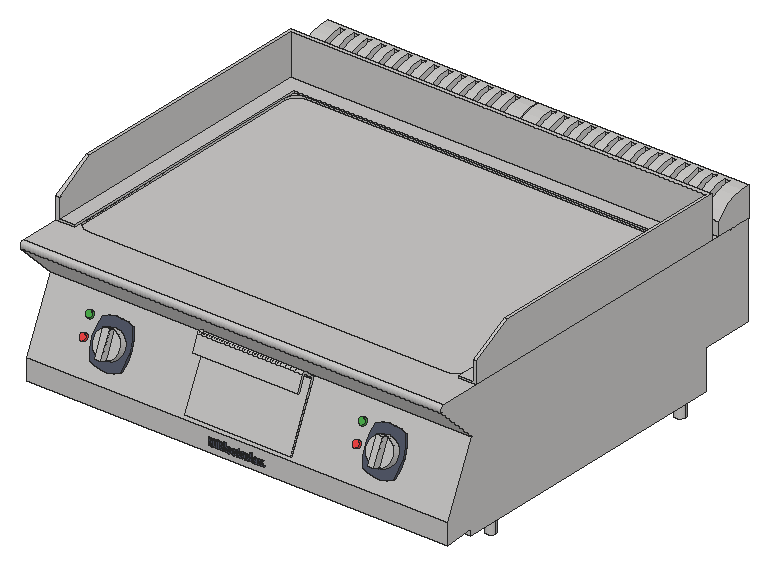
Revit family "QF_ELECTROLUXPROFESSIONAL_371201_E7FTEHCPIN", category Specialty Equipment, Revit 2018
Family settings
  Round Connector Dimension = Use Diameter
  Part Type = Normal
  Work Plane-Based = No
  Always vertical = Yes
  Cut with Voids When Loaded = No
  Shared = No
  Room Calculation Point = No
Parameters
  Width = 800.1 mm  # constant formula
  Weight in Pounds = 154  # constant formula
  Watts = 7800 VA  # 7800 W
  Volts = 230 V  # constant formula
  URL Cutsheet = "www.electrolux.com/foodservice"
  URL = "www.electrolux.com/foodservice"
  Type Mark [instance] = ""
  Status [instance] = ""
  Specification by User [instance] = ""
  Specification by Manufacturer = ""
  Show Logo [instance] = yes
  Show Clearance [instance] = yes
  Serial Number = ""
  Seismic Rating = ""
  SMACNA No = ""
  Revision Code [instance] = ""
  Phase = 3  # constant formula
  Omniclass Number and Title = ""
  Number of Poles [instance] = 1
  NAFEM Spec ID Number = ""
  Model = "371201"
  Min Ckt Ampacity = 0 A
  Max Overcurrent Protection = 0 A
  Masterspec = ""
  Manufacturer = "ELECTROLUX"
  Item Number [instance] = ""
  Installed By [instance] = ""
  Identify Quantity as Lot [instance] = yes
  Height = 355 mm  # constant formula
  HP = "10.5 HP"
  Furnished By [instance] = ""
  Foodservice Equipment Identifier [instance] = yes
  FL Amps = if(Phase = 3, Watts / (Volts * 1.73), Watts / Volts)  # 19.6029 A
  Electrical Remarks [instance] = "230 V/3 ph/50/60 Hz"  # constant formula
  Electric Connection Type [instance] = ""
  Elec Conn RI Height [instance] = 0 mm
  Elec Conn Connection Height [instance] = 0 mm
  Direct Waste Size = 0"
  Description = "700XP Full Module Electricl Fry Top, 2/3 Smooth - 1/3 Ribbed Plate, Chromium Plated - 230V"
  Depth = 730.25 mm  # constant formula
  Cycle [instance] = if([60 Hertz Option], 60 Hz, 50 Hz)  # 60 Hz
  Conn Plug = ""
  Conn Conduit = yes
  CSI MasterFormat = ""
  CSI Master Format = ""
  Base Height [instance] = 23.813 mm  # constant formula
  Assembly Code = ""
  Apparent Power = if(Phase = 3, Volts * FL Amps * 1.73, Volts * FL Amps)  # 7800 VA
  60 Hertz Option [instance] = not([50 Hertz Option])  # yes
  50 Hertz Option [instance] = no
Reference planes
  plane 1 "BACK": y = 0
  plane 2: z = 0
  plane 3 "LEFT": x = 0
  plane 4 "RIGHT": x = 800.1
  plane 5 "FRONT": y = -730.25
  plane 6 "TOP": z = 288.925
  plane 7 "Center Y": x = 400.05
  plane 8 "Center X": y = -365.125
  plane 9 "BASE": z = 23.813
  plane 10 "TOP A": z = 274.638
  plane 11: y = -597.884
  plane 12: y = -147.637
  plane 13: z = 355
Forms (mm)
  Extrusion 1, solid, material "QF_Finishes_Stainless Steel"
    sketch origin (0, 0, 0) x (0, 1, 0) y (0, 0, 1)
      loop
        line (0, 274.638) -> (-722.844, 274.638)
        arc (-722.844, 274.638) -> (-729.641, 270.096) -> (-728.047, 262.077) r 7.358
        line (-728.047, 262.077) -> (-657.416, 191.447) -> (-713.772, 69.003) -> (-713.772, 30.903) -> (-660.4, 36.513) -> (-660.4, 23.812) -> (-101.6, 23.812) -> (-101.6, 98.425) -> (0, 98.425) -> (0, 274.638)
    from 0 to 800.1
  Extrusion 2, void
    sketch origin (0, -2.381, 274.638) x (-1, 0, 0) y (0, -1, 0)
      loop
        arc (-60.425, 120.504) -> (-42.464, 127.943) -> (-35.025, 145.904) r 25.4
        line (-35.025, 145.904) -> (-35.025, 617.104)
        arc (-35.025, 617.104) -> (-42.464, 635.064) -> (-60.425, 642.504) r 25.4
        line (-60.425, 642.504) -> (-739.675, 642.504)
        arc (-739.675, 642.504) -> (-757.636, 635.064) -> (-765.075, 617.104) r 25.4
        line (-765.075, 617.104) -> (-765.075, 145.904)
        arc (-765.075, 145.904) -> (-757.636, 127.943) -> (-739.675, 120.504) r 25.4
        line (-739.675, 120.504) -> (-60.425, 120.504)
    from 0 to -3.2
  Extrusion 3, solid, material "QF_Finishes_Stainless Steel"
    sketch origin (0, 0, 0) x (1, 0, 0) y (0, 1, 0)
      loop
        circle (11.112, -147.638) r 9.525
      loop
        circle (11.112, -597.884) r 9.525
      loop
        circle (788.987, -147.638) r 9.525
      loop
        circle (788.987, -597.884) r 9.525
    from 0 to 23.813
  Extrusion 4, solid, material "QF_Finishes_Stainless Steel"
    sketch origin (0, -101.6, 101.6) x (0, 0, -1) y (-1, 0, 0)
      loop
        circle (43.882, -749.3) r 12.7
    from 0 to 3.175
  Extrusion 5, solid, material "QF_Finishes_Clearance", visible <- "Show Clearance", detail levels coarse
    sketch origin (0, 0, 0) x (1, 0, 0) y (0, 1, 0)
      loop
        line (0, -730.25) -> (0, 0) -> (800.1, 0) -> (800.1, -730.25) -> (950.119, -730.25) -> (950.119, 150.019) -> (-150.019, 150.019) -> (-150.019, -730.25) -> (0, -730.25)
    from 0 to 355
  Sweep 6, solid, material "QF_Finishes_Stainless Steel"
    path origin (0, -2.381, 274.638) x (-1, 0, 0) y (0, -1, 0)
      loop
        line (-765.075, 642.504) -> (-765.075, 120.504) -> (-35.025, 120.504) -> (-35.025, 642.504)
    profile origin (35.025, -383.885, 274.638) x (1, 0, 0) y (0, 0, 1)
      loop
        line (-35.025, 0) -> (0, 0) -> (0, 3.175) -> (-28.675, 3.175) -> (-28.675, 80.363) -> (-35.025, 80.362) -> (-35.025, 0)
  Extrusion 7, void
    sketch origin (0, -87.86, 274.638) x (0, 1, 0) y (0, 0, 1)
      loop
        line (-557.025, 40.481) -> (-483.995, 80.363) -> (-557.025, 80.363) -> (-557.025, 40.481)
    from 0 to 6.35
  Extrusion 8, void
    sketch origin (800.1, -644.885, 274.638) x (0, -1, 0) y (0, 0, 1)
      loop
        line (0, 40.481) -> (0, 80.362) -> (-73.03, 80.362) -> (0, 40.481)
    from 0 to 6.35
  Extrusion 9, solid, material "QF_Finishes_Stainless Steel"
    sketch origin (400.05, 175.397, 1219.2) x (0, 1, 0) y (0, 0, 1)
      loop
        line (-834.228, -1030.828) -> (-850.635, -1014.422)
        arc (-850.635, -1014.422) -> (-855.102, -1013.019) -> (-858.806, -1015.884) r 5.058
        line (-858.806, -1015.884) -> (-871.468, -1043.394) -> (-868.584, -1044.721) -> (-855.922, -1017.211)
        arc (-855.922, -1017.211) -> (-854.543, -1016.145) -> (-852.88, -1016.667) r 1.883
        line (-852.88, -1016.667) -> (-838.037, -1031.51) -> (-888.871, -1141.955) -> (-885.987, -1143.282) -> (-834.228, -1030.828)
    from 100 to -100
  Extrusion 10, solid, material "QF_Finishes_Drawer Clearance", visible <- "Show Clearance", detail levels coarse
    sketch origin (293.7, -101.6, 0) x (0, 1, 0) y (0, 0, 1)
      loop
        line (-660.751, 174.479) -> (-648.089, 201.989)
        arc (-648.089, 201.989) -> (-646.71, 203.055) -> (-645.046, 202.533) r 1.883
        line (-645.046, 202.533) -> (-630.204, 187.69) -> (-681.037, 77.245) -> (-678.153, 75.918) -> (-608.989, 75.918) -> (-557.231, 188.372) -> (-573.638, 204.778)
        arc (-573.638, 204.778) -> (-574.873, 205.685) -> (-576.323, 206.181) r 5.058
        line (-576.323, 206.181) -> (-647.269, 206.181)
        arc (-647.269, 206.181) -> (-649.472, 205.203) -> (-650.973, 203.316) r 5.058
        line (-650.973, 203.316) -> (-663.635, 175.806) -> (-660.751, 174.479)
    from 6.35 to 206.35
  Extrusion 11, solid, material "QF_Finishes_Navy Blue"
    sketch origin (-399.27, -713.772, 69.003) x (0, 0.418102, 0.9084) y (-1, 0, 0)
      loop
        arc (102.623, -510.47) -> (67.041, -502.846) -> (31.333, -509.853) r 90.5
        arc (31.333, -509.853) -> (24.507, -539.04) -> (31.333, -568.228) r 65.817
        arc (31.333, -568.228) -> (67.04, -575.188) -> (102.623, -567.615) r 91.066
        arc (102.623, -567.615) -> (109.179, -539.043) -> (102.623, -510.47) r 65.546
    from 0 to 3.175
  Extrusion 12, solid, material "QF_Finishes_Stainless Steel"
    sketch origin (-20.52, -717.485, 68.529) x (0, 0.418102, 0.9084) y (-1, 0, 0)
      loop
        circle (68.826, -160.963) r 25.4
    from 0 to 12.7
  Extrusion 13, solid, material "QF_Finishes_Stainless Steel"
    sketch origin (-20.52, -729.022, 73.839) x (0, 0.418102, 0.9084) y (-1, 0, 0)
      loop
        arc (93.558, -166.749) -> (94.226, -160.963) -> (93.558, -155.177) r 25.4
        line (93.558, -155.177) -> (44.094, -155.177)
        arc (44.094, -155.177) -> (43.426, -160.963) -> (44.094, -166.749) r 25.4
        line (44.094, -166.749) -> (93.558, -166.749)
    from 0 to 12.7
  Extrusion 14, solid, material "QF_Finishes_Navy Blue"
    sketch origin (97.744, -713.772, 69.003) x (0, 0.418102, 0.9084) y (-1, 0, 0)
      loop
        arc (102.623, -532.67) -> (67.041, -525.046) -> (31.333, -532.053) r 90.5
        arc (31.333, -532.053) -> (24.507, -561.24) -> (31.333, -590.428) r 65.817
        arc (31.333, -590.428) -> (67.04, -597.388) -> (102.623, -589.815) r 91.066
        arc (102.623, -589.815) -> (109.179, -561.243) -> (102.623, -532.67) r 65.546
    from 0 to 3.175
  Extrusion 15, solid, material "QF_Finishes_Stainless Steel"
    sketch origin (498.994, -717.485, 68.529) x (0, 0.418102, 0.9084) y (-1, 0, 0)
      loop
        circle (68.826, -160.963) r 25.4
    from 0 to 12.7
  Extrusion 16, solid, material "QF_Finishes_Stainless Steel"
    sketch origin (498.994, -729.022, 73.839) x (0, 0.418102, 0.9084) y (-1, 0, 0)
      loop
        arc (93.558, -166.749) -> (94.226, -160.963) -> (93.558, -155.177) r 25.4
        line (93.558, -155.177) -> (44.094, -155.177)
        arc (44.094, -155.177) -> (43.426, -160.963) -> (44.094, -166.749) r 25.4
        line (44.094, -166.749) -> (93.558, -166.749)
    from 0 to 12.7
  Extrusion 17, solid, material "QF_Finishes_Red"
    sketch origin (-380.91, -727.848, 38.421) x (0, 0.418102, 0.9084) y (-1, 0, 0)
      loop
        circle (95.112, -468.698) r 6.35
    from 0 to 3.175
  Extrusion 18, solid, material "QF_Finishes_Red"
    sketch origin (116.104, -727.848, 38.421) x (0, 0.418102, 0.9084) y (-1, 0, 0)
      loop
        circle (95.112, -490.898) r 6.35
    from 0 to 3.175
  Extrusion 19, solid, material "QF_Finishes_Green"
    sketch origin (-380.91, -712.919, 70.857) x (0, 0.418102, 0.9084) y (-1, 0, 0)
      loop
        circle (95.112, -468.698) r 6.35
    from 0 to 3.175
  Extrusion 20, solid, material "QF_Finishes_Green"
    sketch origin (116.104, -712.919, 70.857) x (0, 0.418102, 0.9084) y (-1, 0, 0)
      loop
        circle (95.112, -490.898) r 6.35
    from 0 to 3.175
  Extrusion 21, solid, material "QF_Finishes_Navy Blue", visible <- "Show Logo"
    sketch origin (58.349, -713.772, 35.665) x (0, 0, 1) y (-1, 0, 0)
      loop
        line (20.674, -296.698) -> (8.307, -296.698)
        arc (8.307, -296.698) -> (14.491, -301.27) -> (20.674, -296.698) r 6.467
      loop
        arc (20.674, -296.069) -> (19.505, -290.926) -> (14.849, -288.448) r 6.338
        line (14.849, -288.448) -> (14.849, -290.494)
        arc (14.849, -290.494) -> (16.333, -294.149) -> (19.778, -296.069) r 5.941
        line (19.778, -296.069) -> (20.674, -296.069)
      loop
        arc (9.203, -296.069) -> (12.648, -294.149) -> (14.132, -290.494) r 5.941
        line (14.132, -290.494) -> (14.132, -288.448)
        arc (14.132, -288.448) -> (9.438, -290.922) -> (8.148, -296.069) r 6.504
        line (8.148, -296.069) -> (9.203, -296.069)
      loop
        line (21.349, -287.979) -> (7.604, -287.979) -> (7.604, -301.742) -> (21.349, -301.742) -> (21.349, -287.979)
      loop
        arc (21.432, -304.71) -> (21.085, -304.352) -> (20.718, -304.69) r 0.358
        arc (20.718, -304.69) -> (20.404, -305.44) -> (19.687, -305.825) r 1.216
        line (19.687, -305.825) -> (9.274, -305.825)
        arc (9.274, -305.825) -> (8.614, -305.548) -> (8.218, -304.951) r 1.238
        arc (8.218, -304.951) -> (7.823, -304.7) -> (7.518, -305.054) r 0.358
        line (7.518, -305.054) -> (7.518, -314.933) -> (10.269, -314.933) -> (10.269, -314.036)
        arc (10.269, -314.036) -> (9.36, -313.456) -> (8.904, -312.479) r 1.928
        line (8.904, -312.479) -> (8.904, -309.98)
        arc (8.904, -309.98) -> (9.18, -309.251) -> (9.868, -308.887) r 1.101
        line (9.868, -308.887) -> (13.955, -308.887) -> (13.955, -312.561)
        arc (13.955, -312.561) -> (13.602, -313.058) -> (13.037, -313.286) r 1.083
        arc (13.037, -313.286) -> (12.773, -313.591) -> (13.065, -313.869) r 0.292
        line (13.065, -313.869) -> (16.028, -313.869)
        arc (16.028, -313.869) -> (16.33, -313.596) -> (16.092, -313.266) r 0.305
        arc (16.092, -313.266) -> (15.601, -313.018) -> (15.296, -312.561) r 1.083
        line (15.296, -312.561) -> (15.296, -308.887) -> (19.973, -308.887) -> (19.973, -312.635)
        arc (19.973, -312.635) -> (19.759, -313.39) -> (19.153, -313.888) r 1.314
        arc (19.153, -313.888) -> (18.934, -314.292) -> (19.288, -314.585) r 0.361
        line (19.288, -314.585) -> (21.432, -314.585) -> (21.432, -304.71)
      loop
        arc (20.715, -315.365) -> (20.335, -316.284) -> (19.416, -316.664) r 1.299
        line (19.416, -316.664) -> (9.837, -316.664)
        arc (9.837, -316.664) -> (8.999, -316.286) -> (8.728, -315.408) r 1.118
        line (8.728, -315.408) -> (7.518, -315.408) -> (7.518, -320.758) -> (8.706, -320.758)
        arc (8.706, -320.758) -> (8.978, -319.841) -> (9.848, -319.445) r 1.153
        line (9.848, -319.445) -> (21.92, -319.445) -> (20.715, -315.365)
      loop
        line (12.483, -323.394) -> (12.483, -329.842) -> (13.282, -329.842)
        arc (13.282, -329.842) -> (15.862, -328.857) -> (17.131, -326.404) r 3.874
        line (17.131, -326.404) -> (17.131, -324.643)
        arc (17.131, -324.643) -> (15.944, -321.778) -> (13.08, -320.592) r 4.051
        line (13.08, -320.592) -> (11.072, -320.592)
        arc (11.072, -320.592) -> (8.253, -322.077) -> (7.202, -325.084) r 4.352
        arc (7.202, -325.084) -> (7.566, -327.547) -> (8.943, -329.621) r 5.713
        line (8.943, -329.621) -> (9.892, -329.621)
        arc (9.892, -329.621) -> (9.16, -328.052) -> (8.943, -326.334) r 5.579
        arc (8.943, -326.334) -> (9.737, -324.371) -> (11.616, -323.394) r 3.057
        line (11.616, -323.394) -> (12.483, -323.394)
      loop
        line (13.742, -323.394) -> (13.742, -326.977)
        arc (13.742, -326.977) -> (15.199, -327.024) -> (16.082, -325.864) r 1.59
        line (16.082, -325.864) -> (16.082, -325.034)
        arc (16.082, -325.034) -> (15.217, -323.779) -> (13.742, -323.394) r 2.184
      loop
        arc (16.533, -339.259) -> (17.022, -337.585) -> (17.179, -335.848) r 9.023
        line (17.179, -335.848) -> (17.179, -334.486)
        arc (17.179, -334.486) -> (16.02, -331.686) -> (13.22, -330.527) r 3.959
        line (13.22, -330.527) -> (10.62, -330.527)
        arc (10.62, -330.527) -> (8.338, -331.819) -> (7.221, -334.192) r 4.331
        line (7.221, -334.192) -> (7.221, -336.327)
        arc (7.221, -336.327) -> (7.729, -337.877) -> (8.651, -339.223) r 5.772
        arc (8.651, -339.223) -> (9.412, -339.274) -> (9.499, -338.515) r 0.553
        arc (9.499, -338.515) -> (9.111, -337.781) -> (8.977, -336.962) r 2.573
        line (8.977, -336.962) -> (8.977, -335.447)
        arc (8.977, -335.447) -> (9.983, -333.806) -> (11.798, -333.163) r 2.884
        line (11.798, -333.163) -> (13.077, -333.163)
        arc (13.077, -333.163) -> (14.898, -333.723) -> (15.824, -335.388) r 2.554
        line (15.824, -335.388) -> (15.824, -336.441)
        arc (15.824, -336.441) -> (15.493, -337.369) -> (14.836, -338.104) r 2.564
        arc (14.836, -338.104) -> (14.614, -338.821) -> (15.223, -339.259) r 0.643
        line (15.223, -339.259) -> (16.533, -339.259)
      loop
        line (15.515, -339.53) -> (15.515, -341.031) -> (9.467, -341.031)
        arc (9.467, -341.031) -> (7.879, -341.688) -> (7.221, -343.276) r 2.246
        line (7.221, -343.276) -> (7.221, -344.86)
        arc (7.221, -344.86) -> (7.535, -345.725) -> (8.035, -346.496) r 4.06
        arc (8.035, -346.496) -> (8.768, -346.629) -> (9.019, -345.928) r 0.576
        arc (9.019, -345.928) -> (8.913, -345.403) -> (8.977, -344.87) r 1.69
        arc (8.977, -344.87) -> (9.519, -344.082) -> (10.425, -343.779) r 1.506
        line (10.425, -343.779) -> (15.563, -343.779) -> (15.563, -346.176) -> (16.119, -346.733) -> (16.941, -346.733) -> (16.941, -343.873) -> (20.172, -343.873) -> (15.515, -339.53)
      loop
        line (7.438, -347.63) -> (7.438, -353.017) -> (8.548, -353.017)
        arc (8.548, -353.017) -> (8.942, -352.066) -> (9.893, -351.672) r 1.345
        line (9.893, -351.672) -> (13.509, -351.672)
        arc (13.509, -351.672) -> (14.274, -352.264) -> (14.564, -353.186) r 1.615
        line (14.564, -353.186) -> (14.564, -354.742) -> (17.119, -355.427) -> (17.119, -354.044) -> (15.177, -351.485) -> (17.057, -351.485) -> (16.773, -348.779)
        arc (16.773, -348.779) -> (16.333, -348.249) -> (15.674, -348.45) r 0.621
        arc (15.674, -348.45) -> (15.274, -348.792) -> (14.78, -348.975) r 1.501
        line (14.78, -348.975) -> (9.893, -348.975)
        arc (9.893, -348.975) -> (8.942, -348.581) -> (8.548, -347.63) r 1.345
        line (8.548, -347.63) -> (7.438, -347.63)
      loop
        line (13.54, -354.964) -> (10.848, -354.964)
        arc (10.848, -354.964) -> (8.403, -356.272) -> (7.269, -358.803) r 4.288
        arc (7.269, -358.803) -> (7.205, -360.183) -> (7.269, -361.563) r 15.022
        arc (7.269, -361.563) -> (8.403, -364.094) -> (10.848, -365.401) r 4.288
        line (10.848, -365.401) -> (13.54, -365.401)
        arc (13.54, -365.401) -> (15.986, -364.094) -> (17.119, -361.563) r 4.288
        arc (17.119, -361.563) -> (17.183, -360.183) -> (17.119, -358.803) r 15.022
        arc (17.119, -358.803) -> (15.986, -356.272) -> (13.54, -354.964) r 4.288
      loop
        line (13.745, -358.078) -> (10.643, -358.078)
        arc (10.643, -358.078) -> (8.486, -360.235) -> (10.643, -362.392) r 2.157
        line (10.643, -362.392) -> (13.745, -362.392)
        arc (13.745, -362.392) -> (15.902, -360.235) -> (13.745, -358.078) r 2.157
      loop
        arc (20.726, -365.26) -> (20.355, -366.154) -> (19.461, -366.524) r 1.264
        line (19.461, -366.524) -> (9.597, -366.524)
        arc (9.597, -366.524) -> (8.727, -366.127) -> (8.455, -365.211) r 1.153
        line (8.455, -365.211) -> (7.518, -365.211) -> (7.518, -370.319) -> (8.446, -370.319)
        arc (8.446, -370.319) -> (8.805, -369.547) -> (9.597, -369.232) r 1.153
        line (9.597, -369.232) -> (21.92, -369.232) -> (20.726, -365.26)
      loop
        arc (15.846, -369.857) -> (15.647, -370.921) -> (14.678, -371.403) r 1.215
        line (14.678, -371.403) -> (9.658, -371.403)
        arc (9.658, -371.403) -> (8.043, -372.051) -> (7.322, -373.634) r 2.338
        line (7.322, -373.634) -> (7.322, -375.148)
        arc (7.322, -375.148) -> (7.497, -376.152) -> (7.999, -377.038) r 2.979
        line (7.999, -377.038) -> (7.518, -378.835) -> (7.518, -380.524) -> (16.943, -380.524) -> (16.649, -376.32) -> (15.863, -376.32)
        arc (15.863, -376.32) -> (15.507, -377.156) -> (14.755, -377.665) r 1.605
        line (14.755, -377.665) -> (9.652, -377.665)
        arc (9.652, -377.665) -> (9.232, -376.728) -> (9.159, -375.704) r 2.94
        arc (9.159, -375.704) -> (9.72, -374.603) -> (10.873, -374.16) r 1.724
        line (10.873, -374.16) -> (17.07, -374.16) -> (15.846, -369.857)
      loop
        line (16.874, -381.377) -> (15.202, -383.423) -> (12.028, -385.729) -> (8.572, -382.617)
        arc (8.572, -382.617) -> (8.335, -382.223) -> (8.357, -381.764) r 0.789
        line (8.357, -381.764) -> (7.518, -381.764) -> (7.518, -385.309) -> (8.344, -385.309)
        arc (8.344, -385.309) -> (8.686, -384.947) -> (9.176, -385.039) r 0.52
        line (9.176, -385.039) -> (10.976, -386.51) -> (8.858, -387.886)
        arc (8.858, -387.886) -> (8.457, -387.576) -> (8.37, -387.076) r 0.7
        line (8.37, -387.076) -> (7.518, -387.076) -> (7.518, -393.003) -> (8.405, -393.003)
        arc (8.405, -393.003) -> (8.472, -392.344) -> (8.866, -391.813) r 1.247
        line (8.866, -391.813) -> (13.066, -388.532) -> (15.513, -390.585) -> (16.874, -392.327) -> (16.874, -388.604) -> (15.389, -389.026) -> (13.868, -387.749) -> (15.568, -386.559) -> (16.874, -387.336) -> (16.874, -381.377)
    from 0 to 1.644
  Extrusion 22, solid, material "QF_Finishes_Stainless Steel"
    sketch origin (0, 0, 0) x (0, 1, 0) y (0, 0, 1)
      loop
        line (0, 274.638) -> (0, 331.738)
        arc (0, 331.738) -> (-38.857, 324.552) -> (-69.85, 300.038) r 82.056
        line (-69.85, 300.038) -> (-69.85, 274.638) -> (0, 274.638)
    from 0 to 400.05
  Extrusion 23, void
    sketch origin (0, 0, 274.638) x (0, -1, 0) y (1, 0, 0)
      loop
        line (6.761, 29.703) -> (63.911, 29.703) -> (63.911, 38.999) -> (6.761, 38.999) -> (6.761, 29.703)
      loop
        line (63.911, 64.487) -> (6.761, 64.487) -> (6.761, 55.191) -> (63.911, 55.191) -> (63.911, 64.487)
      loop
        line (63.911, 89.975) -> (6.761, 89.975) -> (6.761, 80.68) -> (63.911, 80.68) -> (63.911, 89.975)
      loop
        line (63.911, 115.464) -> (6.761, 115.464) -> (6.761, 106.168) -> (63.911, 106.168) -> (63.911, 115.464)
      loop
        line (63.911, 140.952) -> (6.761, 140.952) -> (6.761, 131.656) -> (63.911, 131.656) -> (63.911, 140.952)
      loop
        line (63.911, 166.44) -> (6.761, 166.44) -> (6.761, 157.145) -> (63.911, 157.145) -> (63.911, 166.44)
      loop
        line (63.911, 191.929) -> (6.761, 191.929) -> (6.761, 182.633) -> (63.911, 182.633) -> (63.911, 191.929)
      loop
        line (63.911, 217.417) -> (6.761, 217.417) -> (6.761, 208.121) -> (63.911, 208.121) -> (63.911, 217.417)
      loop
        line (63.911, 242.905) -> (6.761, 242.905) -> (6.761, 233.61) -> (63.911, 233.61) -> (63.911, 242.905)
      loop
        line (63.911, 268.394) -> (6.761, 268.394) -> (6.761, 259.098) -> (63.911, 259.098) -> (63.911, 268.394)
      loop
        line (63.911, 293.882) -> (6.761, 293.882) -> (6.761, 284.586) -> (63.911, 284.586) -> (63.911, 293.882)
      loop
        line (63.911, 319.37) -> (6.761, 319.37) -> (6.761, 310.075) -> (63.911, 310.075) -> (63.911, 319.37)
      loop
        line (63.911, 344.859) -> (6.761, 344.859) -> (6.761, 335.563) -> (63.911, 335.563) -> (63.911, 344.859)
      loop
        line (63.911, 370.347) -> (6.761, 370.347) -> (6.761, 361.051) -> (63.911, 361.051) -> (63.911, 370.347)
    from 25.4 to 63.5
  Extrusion 24, solid, material "QF_Finishes_Stainless Steel"
    sketch origin (400.05, 0, 0) x (0, 1, 0) y (0, 0, 1)
      loop
        line (0, 274.638) -> (0, 331.738)
        arc (0, 331.738) -> (-38.857, 324.552) -> (-69.85, 300.038) r 82.056
        line (-69.85, 300.038) -> (-69.85, 274.638) -> (0, 274.638)
    from 0 to 400.05
  Extrusion 25, void
    sketch origin (400.05, 0, 274.638) x (0, -1, 0) y (1, 0, 0)
      loop
        line (6.761, 29.703) -> (63.911, 29.703) -> (63.911, 38.999) -> (6.761, 38.999) -> (6.761, 29.703)
      loop
        line (63.911, 64.487) -> (6.761, 64.487) -> (6.761, 55.191) -> (63.911, 55.191) -> (63.911, 64.487)
      loop
        line (63.911, 89.975) -> (6.761, 89.975) -> (6.761, 80.68) -> (63.911, 80.68) -> (63.911, 89.975)
      loop
        line (63.911, 115.464) -> (6.761, 115.464) -> (6.761, 106.168) -> (63.911, 106.168) -> (63.911, 115.464)
      loop
        line (63.911, 140.952) -> (6.761, 140.952) -> (6.761, 131.656) -> (63.911, 131.656) -> (63.911, 140.952)
      loop
        line (63.911, 166.44) -> (6.761, 166.44) -> (6.761, 157.145) -> (63.911, 157.145) -> (63.911, 166.44)
      loop
        line (63.911, 191.929) -> (6.761, 191.929) -> (6.761, 182.633) -> (63.911, 182.633) -> (63.911, 191.929)
      loop
        line (63.911, 217.417) -> (6.761, 217.417) -> (6.761, 208.121) -> (63.911, 208.121) -> (63.911, 217.417)
      loop
        line (63.911, 242.905) -> (6.761, 242.905) -> (6.761, 233.61) -> (63.911, 233.61) -> (63.911, 242.905)
      loop
        line (63.911, 268.394) -> (6.761, 268.394) -> (6.761, 259.098) -> (63.911, 259.098) -> (63.911, 268.394)
      loop
        line (63.911, 293.882) -> (6.761, 293.882) -> (6.761, 284.586) -> (63.911, 284.586) -> (63.911, 293.882)
      loop
        line (63.911, 319.37) -> (6.761, 319.37) -> (6.761, 310.075) -> (63.911, 310.075) -> (63.911, 319.37)
      loop
        line (63.911, 344.859) -> (6.761, 344.859) -> (6.761, 335.563) -> (63.911, 335.563) -> (63.911, 344.859)
      loop
        line (63.911, 370.347) -> (6.761, 370.347) -> (6.761, 361.051) -> (63.911, 361.051) -> (63.911, 370.347)
    from 25.4 to 63.5
Cuts and joins
  Extrusion 2 cuts Extrusion 1
  Extrusion 7, Extrusion 8 cuts Sweep 6
  Extrusion 23 cuts Extrusion 22
  Extrusion 25 cuts Extrusion 24
Lines and regions (mm)
  symbolic lines, style "QF-Clearances", visible <- "Show Clearance", detail levels coarse
    curve 1: line (-150.019, 150.019, 274.638) -> (-150.019, -730.25, 274.638)
    curve 2: line (950.119, 150.019, 274.638) -> (-150.019, 150.019, 274.638)
    curve 3: line (950.119, -730.25, 274.638) -> (950.119, 150.019, 274.638)
  symbolic lines
    curve 4: line (0, 0, 274.638) -> (800.1, 0, 274.638)
    curve 5: line (0, -730.25, 274.638) -> (0, 0, 274.638)
    curve 6: line (800.1, 0, 274.638) -> (800.1, -730.25, 274.638)
    curve 7: line (35.025, -122.885, 274.638) -> (35.025, -644.885, 274.638)
    curve 8: arc (35.025, -619.485, 274.638) -> (42.464, -637.445, 274.638) -> (60.425, -644.885, 274.638) r 25.4
    curve 9: line (0, -644.885, 274.638) -> (35.025, -644.885, 274.638)
    curve 10: arc (739.675, -644.885, 274.638) -> (757.636, -637.445, 274.638) -> (765.075, -619.485, 274.638) r 25.4
    curve 11: line (765.075, -644.885, 274.638) -> (765.075, -122.885, 274.638)
    curve 12: line (765.075, -122.885, 274.638) -> (35.025, -122.885, 274.638)
    curve 13: line (0, -69.85, 274.638) -> (800.1, -69.85, 274.638)
    curve 14: line (800.1, -730.25, 274.638) -> (0, -730.25, 274.638)
    curve 15: arc (60.425, -122.885, 274.638) -> (42.464, -130.324, 274.638) -> (35.025, -148.285, 274.638) r 25.4
    curve 16: arc (738.654, -122.885, 274.638) -> (757.336, -130.623, 274.638) -> (765.075, -149.306, 274.638) r 26.421
    curve 17: line (6.35, -94.21, 274.638) -> (6.35, -644.885, 274.638)
    curve 18: line (6.35, -94.21, 274.638) -> (793.75, -94.21, 274.638)
    curve 19: line (793.75, -94.21, 274.638) -> (793.75, -644.885, 274.638)
    curve 20: line (765.075, -644.885, 274.638) -> (800.1, -644.885, 274.638)
    curve 21: line (60.425, -644.885, 274.638) -> (739.675, -644.885, 274.638)
    curve 25: line (29.703, -6.761, 0) -> (38.999, -6.761, 0)
    curve 26: line (29.703, -63.911, 0) -> (29.703, -6.761, 0)
    curve 27: line (38.999, -63.911, 0) -> (29.703, -63.911, 0)
    curve 28: line (38.999, -6.761, 0) -> (38.999, -63.911, 0)
    curve 29: line (55.191, -6.761, 0) -> (64.487, -6.761, 0)
    curve 30: line (55.191, -63.911, 0) -> (55.191, -6.761, 0)
    curve 31: line (64.487, -63.911, 0) -> (55.191, -63.911, 0)
    curve 32: line (64.487, -6.761, 0) -> (64.487, -63.911, 0)
    curve 33: line (80.68, -6.761, 0) -> (89.975, -6.761, 0)
    curve 34: line (80.68, -63.911, 0) -> (80.68, -6.761, 0)
    curve 35: line (89.975, -63.911, 0) -> (80.68, -63.911, 0)
    curve 36: line (89.975, -6.761, 0) -> (89.975, -63.911, 0)
    curve 37: line (106.168, -6.761, 0) -> (115.464, -6.761, 0)
    curve 38: line (106.168, -63.911, 0) -> (106.168, -6.761, 0)
    curve 39: line (115.464, -63.911, 0) -> (106.168, -63.911, 0)
    curve 40: line (115.464, -6.761, 0) -> (115.464, -63.911, 0)
    curve 41: line (131.656, -6.761, 0) -> (140.952, -6.761, 0)
    curve 42: line (131.656, -63.911, 0) -> (131.656, -6.761, 0)
    curve 43: line (140.952, -63.911, 0) -> (131.656, -63.911, 0)
    curve 44: line (140.952, -6.761, 0) -> (140.952, -63.911, 0)
    curve 45: line (157.145, -6.761, 0) -> (166.44, -6.761, 0)
    curve 46: line (157.145, -63.911, 0) -> (157.145, -6.761, 0)
    curve 47: line (166.44, -63.911, 0) -> (157.145, -63.911, 0)
    curve 48: line (166.44, -6.761, 0) -> (166.44, -63.911, 0)
    curve 49: line (182.633, -6.761, 0) -> (191.929, -6.761, 0)
    curve 50: line (182.633, -63.911, 0) -> (182.633, -6.761, 0)
    curve 51: line (191.929, -63.911, 0) -> (182.633, -63.911, 0)
    curve 52: line (191.929, -6.761, 0) -> (191.929, -63.911, 0)
    curve 53: line (208.121, -6.761, 0) -> (217.417, -6.761, 0)
    curve 54: line (208.121, -63.911, 0) -> (208.121, -6.761, 0)
    curve 55: line (217.417, -63.911, 0) -> (208.121, -63.911, 0)
    curve 56: line (217.417, -6.761, 0) -> (217.417, -63.911, 0)
    curve 57: line (233.61, -6.761, 0) -> (242.905, -6.761, 0)
    curve 58: line (233.61, -63.911, 0) -> (233.61, -6.761, 0)
    curve 59: line (242.905, -63.911, 0) -> (233.61, -63.911, 0)
    curve 60: line (242.905, -6.761, 0) -> (242.905, -63.911, 0)
    curve 61: line (259.098, -6.761, 0) -> (268.394, -6.761, 0)
    curve 62: line (259.098, -63.911, 0) -> (259.098, -6.761, 0)
    curve 63: line (268.394, -63.911, 0) -> (259.098, -63.911, 0)
    curve 64: line (268.394, -6.761, 0) -> (268.394, -63.911, 0)
    curve 65: line (284.586, -6.761, 0) -> (293.882, -6.761, 0)
    curve 66: line (284.586, -63.911, 0) -> (284.586, -6.761, 0)
    curve 67: line (293.882, -63.911, 0) -> (284.586, -63.911, 0)
    curve 68: line (293.882, -6.761, 0) -> (293.882, -63.911, 0)
    curve 69: line (310.075, -6.761, 0) -> (319.37, -6.761, 0)
    curve 70: line (310.075, -63.911, 0) -> (310.075, -6.761, 0)
    curve 71: line (319.37, -63.911, 0) -> (310.075, -63.911, 0)
    curve 72: line (319.37, -6.761, 0) -> (319.37, -63.911, 0)
    curve 73: line (335.563, -6.761, 0) -> (344.859, -6.761, 0)
    curve 74: line (335.563, -63.911, 0) -> (335.563, -6.761, 0)
    curve 75: line (344.859, -63.911, 0) -> (335.563, -63.911, 0)
    curve 76: line (344.859, -6.761, 0) -> (344.859, -63.911, 0)
    curve 77: line (361.051, -6.761, 0) -> (370.347, -6.761, 0)
    curve 78: line (361.051, -63.911, 0) -> (361.051, -6.761, 0)
    curve 79: line (370.347, -63.911, 0) -> (361.051, -63.911, 0)
    curve 80: line (370.347, -6.761, 0) -> (370.347, -63.911, 0)
    curve 81: line (400.05, 0, 0) -> (400.05, -69.85, 0)
    curve 82: line (770.397, -6.761, 0) -> (761.101, -6.761, 0)
    curve 83: line (770.397, -63.911, 0) -> (770.397, -6.761, 0)
    curve 84: line (761.101, -63.911, 0) -> (770.397, -63.911, 0)
    curve 85: line (761.101, -6.761, 0) -> (761.101, -63.911, 0)
    curve 86: line (744.909, -6.761, 0) -> (735.613, -6.761, 0)
    curve 87: line (744.909, -63.911, 0) -> (744.909, -6.761, 0)
    curve 88: line (735.613, -63.911, 0) -> (744.909, -63.911, 0)
    curve 89: line (735.613, -6.761, 0) -> (735.613, -63.911, 0)
    curve 90: line (719.42, -6.761, 0) -> (710.125, -6.761, 0)
    curve 91: line (719.42, -63.911, 0) -> (719.42, -6.761, 0)
    curve 92: line (710.125, -63.911, 0) -> (719.42, -63.911, 0)
    curve 93: line (710.125, -6.761, 0) -> (710.125, -63.911, 0)
    curve 94: line (693.932, -6.761, 0) -> (684.636, -6.761, 0)
    curve 95: line (693.932, -63.911, 0) -> (693.932, -6.761, 0)
    curve 96: line (684.636, -63.911, 0) -> (693.932, -63.911, 0)
    curve 97: line (684.636, -6.761, 0) -> (684.636, -63.911, 0)
    curve 98: line (668.444, -6.761, 0) -> (659.148, -6.761, 0)
    curve 99: line (668.444, -63.911, 0) -> (668.444, -6.761, 0)
    curve 100: line (659.148, -63.911, 0) -> (668.444, -63.911, 0)
    curve 101: line (659.148, -6.761, 0) -> (659.148, -63.911, 0)
    curve 102: line (642.955, -6.761, 0) -> (633.66, -6.761, 0)
    curve 103: line (642.955, -63.911, 0) -> (642.955, -6.761, 0)
    curve 104: line (633.66, -63.911, 0) -> (642.955, -63.911, 0)
    curve 105: line (633.66, -6.761, 0) -> (633.66, -63.911, 0)
    curve 106: line (617.467, -6.761, 0) -> (608.171, -6.761, 0)
    curve 107: line (617.467, -63.911, 0) -> (617.467, -6.761, 0)
    curve 108: line (608.171, -63.911, 0) -> (617.467, -63.911, 0)
    curve 109: line (608.171, -6.761, 0) -> (608.171, -63.911, 0)
    curve 110: line (591.979, -6.761, 0) -> (582.683, -6.761, 0)
    curve 111: line (591.979, -63.911, 0) -> (591.979, -6.761, 0)
    curve 112: line (582.683, -63.911, 0) -> (591.979, -63.911, 0)
    curve 113: line (582.683, -6.761, 0) -> (582.683, -63.911, 0)
    curve 114: line (566.49, -6.761, 0) -> (557.195, -6.761, 0)
    curve 115: line (566.49, -63.911, 0) -> (566.49, -6.761, 0)
    curve 116: line (557.195, -63.911, 0) -> (566.49, -63.911, 0)
    curve 117: line (557.195, -6.761, 0) -> (557.195, -63.911, 0)
    curve 118: line (541.002, -6.761, 0) -> (531.706, -6.761, 0)
    curve 119: line (541.002, -63.911, 0) -> (541.002, -6.761, 0)
    curve 120: line (531.706, -63.911, 0) -> (541.002, -63.911, 0)
    curve 121: line (531.706, -6.761, 0) -> (531.706, -63.911, 0)
    curve 122: line (515.514, -6.761, 0) -> (506.218, -6.761, 0)
    curve 123: line (515.514, -63.911, 0) -> (515.514, -6.761, 0)
    curve 124: line (506.218, -63.911, 0) -> (515.514, -63.911, 0)
    curve 125: line (506.218, -6.761, 0) -> (506.218, -63.911, 0)
    curve 126: line (490.025, -6.761, 0) -> (480.73, -6.761, 0)
    curve 127: line (490.025, -63.911, 0) -> (490.025, -6.761, 0)
    curve 128: line (480.73, -63.911, 0) -> (490.025, -63.911, 0)
    curve 129: line (480.73, -6.761, 0) -> (480.73, -63.911, 0)
    curve 130: line (464.537, -6.761, 0) -> (455.241, -6.761, 0)
    curve 131: line (464.537, -63.911, 0) -> (464.537, -6.761, 0)
    curve 132: line (455.241, -63.911, 0) -> (464.537, -63.911, 0)
    curve 133: line (455.241, -6.761, 0) -> (455.241, -63.911, 0)
    curve 134: line (439.049, -6.761, 0) -> (429.753, -6.761, 0)
    curve 135: line (439.049, -63.911, 0) -> (439.049, -6.761, 0)
    curve 136: line (429.753, -63.911, 0) -> (439.049, -63.911, 0)
    curve 137: line (429.753, -6.761, 0) -> (429.753, -63.911, 0)
    curve 138: line (800.1, -87.86, 0) -> (0, -87.86, 0)
  symbolic lines, style "QF_Drawer Clearance", visible <- "Show Clearance", detail levels coarse
    curve 22: line (300.05, -782.637, 0) -> (300.05, -730.25, 0)
    curve 23: line (300.05, -782.637, 0) -> (500.05, -782.637, 0)
    curve 24: line (500.05, -782.637, 0) -> (500.05, -730.25, 0)
Dimensions and locks
  equal spacing: plane 3 "LEFT", plane 7 "Center Y", plane 4 "RIGHT"
  "Width": plane 3 "LEFT" to plane 4 "RIGHT"
  equal spacing: plane 5 "FRONT", plane 8 "Center X", plane 1 "BACK"
  "Depth": plane 5 "FRONT" to plane 1 "BACK"
  plane 1 "BACK" to plane 5 "FRONT" = 730.25 mm
  "Base Height": plane 9 "BASE" to level
  locked: plane 10 "TOP A" to plane 9 "BASE" at 250.825
  plane 4 "RIGHT" to Extrusion 4 sketch curve = 50.8 mm
  Sweep 6 sketch curve to level = 355 mm
  plane 10 "TOP A" to plane 9 "BASE" = 250.825 mm
  plane 9 "BASE" to level = 23.813 mm
  "Height": plane 13 to level
  aligned and locked: level to plane 2
  aligned and locked: plane 4 "RIGHT" to Extrusion 1
  aligned and locked: Extrusion 3 to plane 9 "BASE"
  aligned: plane 6 "TOP" to Extrusion 5
Automatic sketch dimensions
  Extrusion 13 sketch curve to Extrusion 13 sketch curve = 24.732 mm
  Extrusion 13 sketch curve to Extrusion 13 sketch curve = 0 mm
  Extrusion 16 sketch curve to Extrusion 16 sketch curve = 24.732 mm
  Extrusion 16 sketch curve to Extrusion 16 sketch curve = 0 mm
  plane 1 "BACK" to Extrusion 25 sketch curve = 6.761 mm  (x14)
  Extrusion 25 sketch curve to Extrusion 25 sketch curve = 57.15 mm
  Extrusion 25 sketch curve to Extrusion 25 sketch curve = 0 mm  (x13)
  plane 7 "Center Y" to Extrusion 25 sketch curve = 29.703 mm
  Extrusion 25 sketch curve to Extrusion 25 sketch curve = 9.296 mm  (x14)
  Extrusion 25 sketch curve to Extrusion 25 sketch curve = 16.193 mm  (x13)
  Extrusion 22 sketch curve to plane 10 "TOP A" = 0 mm
  Extrusion 22 sketch curve to plane 1 "BACK" = 0 mm
  plane 1 "BACK" to Extrusion 22 sketch curve = 4.947 mm
  plane 6 "TOP" to Extrusion 22 sketch curve = 11.113 mm
  plane 1 "BACK" to Extrusion 22 sketch curve = 69.85 mm
  Extrusion 22 sketch curve to plane 10 "TOP A" = 24.807 mm
  Extrusion 24 sketch curve to plane 10 "TOP A" = 0 mm
  Extrusion 24 sketch curve to plane 1 "BACK" = 0 mm
  plane 1 "BACK" to Extrusion 24 sketch curve = 4.947 mm
  plane 6 "TOP" to Extrusion 24 sketch curve = 11.113 mm
  plane 1 "BACK" to Extrusion 24 sketch curve = 69.85 mm
  Extrusion 24 sketch curve to plane 10 "TOP A" = 24.807 mm
  plane 5 "FRONT" to curve 22 = 0 mm
  plane 1 "BACK" to curve 81 = 0 mm
  curve 81 to plane 7 "Center Y" = 0 mm
  plane 5 "FRONT" to curve 24 = 0 mm
  curve 79 to plane 7 "Center Y" = 29.703 mm
  curve 78 to curve 77 = 9.296 mm
  plane 1 "BACK" to curve 73 = 6.761 mm
  curve 73 to curve 77 = 16.193 mm
  curve 74 to curve 75 = 9.296 mm
  curve 72 to curve 74 = 16.193 mm
  curve 70 to curve 71 = 9.296 mm
  curve 22 to plane 7 "Center Y" = 100 mm
  curve 67 to curve 70 = 16.193 mm
  curve 66 to curve 67 = 9.296 mm
  curve 63 to curve 66 = 16.193 mm
  curve 63 to curve 63 = 9.296 mm
  curve 59 to curve 62 = 16.193 mm
  curve 58 to curve 57 = 9.296 mm
  plane 1 "BACK" to curve 53 = 6.761 mm
  curve 53 to curve 57 = 16.193 mm
  curve 53 to curve 53 = 9.296 mm
  curve 52 to curve 54 = 16.193 mm
  curve 51 to curve 51 = 9.296 mm
  plane 1 "BACK" to curve 48 = 6.761 mm
  curve 48 to curve 49 = 16.193 mm
  curve 47 to curve 47 = 9.296 mm
  plane 1 "BACK" to curve 41 = 6.761 mm
  curve 41 to curve 45 = 16.193 mm
  curve 41 to curve 41 = 9.296 mm
  curve 39 to curve 42 = 16.193 mm
  curve 39 to curve 39 = 9.296 mm
  plane 1 "BACK" to curve 33 = 6.761 mm
  curve 33 to curve 37 = 16.193 mm
  curve 34 to curve 35 = 9.296 mm
  plane 1 "BACK" to curve 32 = 6.761 mm
  curve 32 to curve 33 = 16.193 mm
  curve 31 to curve 31 = 9.296 mm
  curve 27 to curve 30 = 16.193 mm
  curve 27 to curve 27 = 9.296 mm
  plane 1 "BACK" to curve 134 = 6.761 mm
  plane 7 "Center Y" to curve 134 = 29.703 mm
  curve 136 to curve 136 = 9.296 mm
  curve 135 to curve 132 = 16.193 mm
  curve 132 to curve 132 = 9.296 mm
  plane 1 "BACK" to curve 126 = 6.761 mm
  curve 130 to curve 126 = 16.193 mm
  curve 128 to curve 128 = 9.296 mm
  plane 7 "Center Y" to curve 23 = 100 mm
  curve 127 to curve 125 = 16.193 mm
  curve 124 to curve 124 = 9.296 mm
  curve 123 to curve 121 = 16.193 mm
  curve 118 to curve 119 = 9.296 mm
  curve 119 to curve 116 = 16.193 mm
  curve 114 to curve 115 = 9.296 mm
  curve 115 to curve 112 = 16.193 mm
  curve 112 to curve 112 = 9.296 mm
  plane 1 "BACK" to curve 106 = 6.761 mm
  curve 110 to curve 106 = 16.193 mm
  curve 106 to curve 107 = 9.296 mm
  curve 107 to curve 105 = 16.193 mm
  curve 102 to curve 103 = 9.296 mm
  curve 103 to curve 100 = 16.193 mm
  curve 98 to curve 99 = 9.296 mm
  plane 1 "BACK" to curve 94 = 6.761 mm
  curve 98 to curve 94 = 16.193 mm
  curve 94 to curve 95 = 9.296 mm
  plane 1 "BACK" to curve 93 = 6.761 mm
  curve 94 to curve 93 = 16.193 mm
  curve 92 to curve 91 = 9.296 mm
  plane 1 "BACK" to curve 89 = 6.761 mm
  curve 90 to curve 89 = 16.193 mm
  curve 86 to curve 87 = 9.296 mm
  curve 87 to curve 85 = 16.193 mm
  curve 84 to curve 84 = 9.296 mm
  curve 22 to curve 22 = 52.387 mm
  curve 81 to curve 134 = 63.089 mm
  curve 81 to curve 136 = 5.939 mm
  curve 26 to curve 29 = 57.15 mm
  curve 135 to curve 133 = 0 mm
  curve 27 to curve 30 = 0 mm
  curve 131 to curve 129 = 0 mm
  curve 31 to curve 34 = 0 mm
  curve 127 to curve 125 = 0 mm
  curve 35 to curve 38 = 0 mm
  curve 123 to curve 121 = 0 mm
  curve 39 to curve 42 = 0 mm
  curve 119 to curve 117 = 0 mm
  curve 43 to curve 46 = 0 mm
  curve 115 to curve 113 = 0 mm
  curve 47 to curve 50 = 0 mm
  curve 111 to curve 109 = 0 mm
  curve 51 to curve 54 = 0 mm
  curve 107 to curve 105 = 0 mm
  curve 55 to curve 58 = 0 mm
  curve 103 to curve 101 = 0 mm
  curve 59 to curve 62 = 0 mm
  curve 99 to curve 97 = 0 mm
  curve 63 to curve 66 = 0 mm
  curve 95 to curve 93 = 0 mm
  curve 67 to curve 70 = 0 mm
  curve 91 to curve 89 = 0 mm
  curve 71 to curve 74 = 0 mm
  curve 87 to curve 85 = 0 mm
  curve 75 to curve 78 = 0 mm
  plane 1 "BACK" to curve 52 = 6.761 mm
  plane 1 "BACK" to curve 82 = 6.761 mm
  plane 1 "BACK" to curve 78 = 6.761 mm
  plane 1 "BACK" to curve 72 = 6.761 mm
  plane 1 "BACK" to curve 68 = 6.761 mm
  plane 1 "BACK" to curve 64 = 6.761 mm
  plane 1 "BACK" to curve 98 = 6.761 mm
  plane 1 "BACK" to curve 60 = 6.761 mm
  plane 1 "BACK" to curve 102 = 6.761 mm
  plane 1 "BACK" to curve 110 = 6.761 mm
  plane 1 "BACK" to curve 114 = 6.761 mm
  plane 1 "BACK" to curve 118 = 6.761 mm
  plane 1 "BACK" to curve 40 = 6.761 mm
  plane 1 "BACK" to curve 122 = 6.761 mm
  plane 1 "BACK" to curve 130 = 6.761 mm
  plane 1 "BACK" to curve 28 = 6.761 mm
  Extrusion 1 sketch curve to plane 10 "TOP A" = 0 mm
  Extrusion 1 sketch curve to plane 9 "BASE" = 0 mm
  Extrusion 1 sketch curve to plane 1 "BACK" = 0 mm
  Extrusion 1 sketch curve to plane 12 = 46.038 mm
  plane 11 to Extrusion 1 sketch curve = 59.531 mm
  plane 9 "BASE" to Extrusion 1 sketch curve = 12.7 mm
  plane 11 to Extrusion 1 sketch curve = 62.516 mm
  Extrusion 1 sketch curve to plane 5 "FRONT" = 16.478 mm
  Extrusion 1 sketch curve to plane 5 "FRONT" = 7.406 mm
  Extrusion 1 sketch curve to plane 5 "FRONT" = 2.203 mm
  plane 9 "BASE" to Extrusion 1 sketch curve = 7.09 mm
  Extrusion 1 sketch curve to Extrusion 1 sketch curve = 38.1 mm
  plane 9 "BASE" to Extrusion 1 sketch curve = 74.612 mm
  Extrusion 1 sketch curve to plane 10 "TOP A" = 83.191 mm
  Extrusion 1 sketch curve to plane 10 "TOP A" = 12.56 mm
  Extrusion 2 sketch curve to plane 4 "RIGHT" = 35.025 mm
  Extrusion 2 sketch curve to Extrusion 2 sketch curve = 25.4 mm  (x3)
  plane 12 to Extrusion 2 sketch curve = 0.647 mm
  plane 3 "LEFT" to Extrusion 2 sketch curve = 60.425 mm  (x2)
  plane 11 to Extrusion 2 sketch curve = 21.6 mm
  plane 11 to Extrusion 3 sketch curve = 0 mm  (x2)
  plane 12 to Extrusion 3 sketch curve = 0 mm  (x2)
  plane 3 "LEFT" to Extrusion 3 sketch curve = 11.112 mm  (x2)
  Extrusion 3 sketch curve to plane 4 "RIGHT" = 11.113 mm  (x2)
  Extrusion 1 to Extrusion 4 sketch curve = 33.906 mm
  plane 5 "FRONT" to Extrusion 5 sketch curve = 0 mm  (x2)
  plane 1 "BACK" to Extrusion 5 sketch curve = 0 mm
  Extrusion 5 sketch curve to plane 3 "LEFT" = 0 mm
  Extrusion 5 sketch curve to plane 4 "RIGHT" = 0 mm
  Extrusion 5 sketch curve to plane 3 "LEFT" = 150.019 mm
  plane 4 "RIGHT" to Extrusion 5 sketch curve = 150.019 mm
  Extrusion 5 sketch curve to plane 1 "BACK" = 150.019 mm
  Sweep 6 sketch curve to plane 4 "RIGHT" = 35.025 mm
  plane 3 "LEFT" to Sweep 6 sketch curve = 35.025 mm
  Sweep 6 sketch curve to plane 12 = 24.753 mm
  plane 11 to Sweep 6 sketch curve = 47 mm  (x2)
  Sweep 6 sketch curve to plane 10 "TOP A" = 0 mm
  profile plane to Sweep 6 sketch curve = 0 mm
  profile plane to Sweep 6 sketch curve = 28.675 mm
  Sweep 6 sketch curve to Sweep 6 sketch curve = 6.35 mm
  plane 10 "TOP A" to Sweep 6 sketch curve = 3.175 mm
  Extrusion 7 sketch curve to Sweep 6 = 0 mm  (x2)
  Extrusion 7 sketch curve to Sweep 6 = 73.03 mm
  Extrusion 7 sketch curve to Extrusion 7 sketch curve = 39.881 mm
  Sweep 6 to Extrusion 8 sketch curve = 0 mm
  Extrusion 8 sketch curve to Sweep 6 = 0 mm
  Extrusion 8 sketch curve to Extrusion 8 sketch curve = 73.03 mm
  Extrusion 8 sketch curve to Extrusion 8 sketch curve = 39.881 mm
  Extrusion 10 sketch curve to Extrusion 10 sketch curve = 0 mm  (x2)
  plane 5 "FRONT" to Extrusion 10 sketch curve = 52.387 mm
  Extrusion 10 sketch curve to Extrusion 10 sketch curve = 2.884 mm  (x3)
  plane 5 "FRONT" to Extrusion 10 sketch curve = 34.985 mm
  plane 5 "FRONT" to Extrusion 10 sketch curve = 22.323 mm
  Extrusion 10 sketch curve to Extrusion 10 sketch curve = 0.82 mm
  Extrusion 10 sketch curve to Extrusion 10 sketch curve = 1.711 mm
  Extrusion 10 sketch curve to Extrusion 10 sketch curve = 1.332 mm
  plane 5 "FRONT" to Extrusion 10 sketch curve = 1.554 mm
  Extrusion 10 sketch curve to plane 5 "FRONT" = 19.661 mm
  Extrusion 10 sketch curve to plane 5 "FRONT" = 51.436 mm
  Extrusion 10 sketch curve to Extrusion 10 sketch curve = 0.891 mm
  Extrusion 10 sketch curve to Extrusion 10 sketch curve = 2.686 mm
  Extrusion 10 sketch curve to Extrusion 10 sketch curve = 16.406 mm
  plane 9 "BASE" to Extrusion 10 sketch curve = 52.105 mm
  Extrusion 10 sketch curve to Extrusion 10 sketch curve = 1.327 mm  (x2)
  Extrusion 10 sketch curve to Extrusion 10 sketch curve = 13.211 mm
  Extrusion 10 sketch curve to Extrusion 10 sketch curve = 0.681 mm
  Extrusion 10 sketch curve to Extrusion 10 sketch curve = 0.787 mm
  Extrusion 10 sketch curve to Extrusion 10 sketch curve = 4.979 mm
  plane 3 "LEFT" to Extrusion 11 sketch curve = 110.583 mm
  Extrusion 11 sketch curve to Extrusion 11 sketch curve = 0 mm
  Extrusion 11 sketch curve to Extrusion 11 sketch curve = 12.3 mm  (x3)
  Extrusion 11 sketch curve to Extrusion 11 sketch curve = 34.925 mm  (x2)
  Extrusion 11 sketch curve to Extrusion 11 sketch curve = 46.691 mm
  Extrusion 11 sketch curve to Extrusion 11 sketch curve = 0.617 mm
  Extrusion 11 sketch curve to Extrusion 11 sketch curve = 28.57 mm
  Extrusion 11 sketch curve to Extrusion 11 sketch curve = 29.185 mm
  Extrusion 14 sketch curve to plane 4 "RIGHT" = 170.304 mm
  Extrusion 14 sketch curve to Extrusion 14 sketch curve = 0 mm
  Extrusion 14 sketch curve to Extrusion 14 sketch curve = 12.3 mm  (x3)
  Extrusion 14 sketch curve to Extrusion 14 sketch curve = 34.925 mm  (x2)
  Extrusion 14 sketch curve to Extrusion 14 sketch curve = 46.691 mm
  Extrusion 14 sketch curve to Extrusion 14 sketch curve = 0.617 mm
  Extrusion 14 sketch curve to Extrusion 14 sketch curve = 28.57 mm
  Extrusion 14 sketch curve to Extrusion 14 sketch curve = 29.185 mm
  plane 3 "LEFT" to Extrusion 17 sketch curve = 87.788 mm
  Extrusion 18 sketch curve to plane 4 "RIGHT" = 193.099 mm
  plane 3 "LEFT" to Extrusion 19 sketch curve = 87.788 mm
  Extrusion 20 sketch curve to plane 4 "RIGHT" = 193.099 mm
  plane 9 "BASE" to Extrusion 21 sketch curve = 14.013 mm
  plane 9 "BASE" to Extrusion 21 sketch curve = 19.054 mm
  plane 7 "Center Y" to Extrusion 21 sketch curve = 3.159 mm
  Extrusion 21 sketch curve to Extrusion 21 sketch curve = 5.06 mm
  Extrusion 21 sketch curve to Extrusion 21 sketch curve = 0 mm  (x28)
  Extrusion 21 sketch curve to Extrusion 21 sketch curve = 5.108 mm  (x2)
  Extrusion 21 sketch curve to Extrusion 21 sketch curve = 0.054 mm
  Extrusion 21 sketch curve to Extrusion 21 sketch curve = 0.218 mm
  Extrusion 21 sketch curve to Extrusion 21 sketch curve = 0.195 mm
  Extrusion 21 sketch curve to Extrusion 21 sketch curve = 0.249 mm
  plane 9 "BASE" to Extrusion 21 sketch curve = 19.371 mm
  Extrusion 21 sketch curve to Extrusion 21 sketch curve = 0.087 mm
  Extrusion 21 sketch curve to Extrusion 21 sketch curve = 0.358 mm
  Extrusion 21 sketch curve to Extrusion 21 sketch curve = 0.481 mm
  Extrusion 21 sketch curve to Extrusion 21 sketch curve = 0.597 mm
  Extrusion 21 sketch curve to Extrusion 21 sketch curve = 0.544 mm
  Extrusion 21 sketch curve to Extrusion 21 sketch curve = 0.936 mm
  Extrusion 21 sketch curve to Extrusion 21 sketch curve = 0.594 mm
  Extrusion 21 sketch curve to Extrusion 21 sketch curve = 0.343 mm
  Extrusion 21 sketch curve to Extrusion 21 sketch curve = 0.159 mm
  Extrusion 21 sketch curve to Extrusion 21 sketch curve = 0.826 mm
  Extrusion 21 sketch curve to Extrusion 21 sketch curve = 0.839 mm
  Extrusion 21 sketch curve to Extrusion 21 sketch curve = 0.852 mm
  Extrusion 21 sketch curve to Extrusion 21 sketch curve = 0.887 mm
  Extrusion 21 sketch curve to Extrusion 21 sketch curve = 0.928 mm
  Extrusion 21 sketch curve to Extrusion 21 sketch curve = 0.938 mm
  Extrusion 21 sketch curve to Extrusion 21 sketch curve = 0.444 mm
  Extrusion 21 sketch curve to Extrusion 21 sketch curve = 1.11 mm  (x3)
  Extrusion 21 sketch curve to Extrusion 21 sketch curve = 0.215 mm
  Extrusion 21 sketch curve to Extrusion 21 sketch curve = 1.43 mm
  Extrusion 21 sketch curve to Extrusion 21 sketch curve = 1.188 mm
  Extrusion 21 sketch curve to Extrusion 21 sketch curve = 1.21 mm  (x2)
  Extrusion 21 sketch curve to Extrusion 21 sketch curve = 0.503 mm
  Extrusion 21 sketch curve to Extrusion 21 sketch curve = 0.488 mm
  Extrusion 21 sketch curve to Extrusion 21 sketch curve = 0.462 mm
  Extrusion 21 sketch curve to Extrusion 21 sketch curve = 1.386 mm
  Extrusion 21 sketch curve to Extrusion 21 sketch curve = 1.742 mm  (x2)
  Extrusion 21 sketch curve to Extrusion 21 sketch curve = 0.821 mm
  Extrusion 21 sketch curve to Extrusion 21 sketch curve = 0.497 mm
  Extrusion 21 sketch curve to Extrusion 21 sketch curve = 0.539 mm
  Extrusion 21 sketch curve to Extrusion 21 sketch curve = 0.686 mm
  Extrusion 21 sketch curve to Extrusion 21 sketch curve = 0.408 mm
  Extrusion 21 sketch curve to Extrusion 21 sketch curve = 0.743 mm
  Extrusion 21 sketch curve to Extrusion 21 sketch curve = 1.16 mm
  Extrusion 21 sketch curve to Extrusion 21 sketch curve = 0.329 mm
  Extrusion 21 sketch curve to Extrusion 21 sketch curve = 1.054 mm
  Extrusion 21 sketch curve to Extrusion 21 sketch curve = 1.056 mm
  Extrusion 21 sketch curve to Extrusion 21 sketch curve = 0.129 mm
  Extrusion 21 sketch curve to Extrusion 21 sketch curve = 0.489 mm
  Extrusion 21 sketch curve to Extrusion 21 sketch curve = 0.441 mm
  Extrusion 21 sketch curve to Extrusion 21 sketch curve = 1.151 mm
  Extrusion 21 sketch curve to Extrusion 21 sketch curve = 1.141 mm  (x2)
  Extrusion 21 sketch curve to Extrusion 21 sketch curve = 0.768 mm
  Extrusion 21 sketch curve to Extrusion 21 sketch curve = 1.653 mm
  Extrusion 21 sketch curve to Extrusion 21 sketch curve = 0.499 mm
  Extrusion 21 sketch curve to Extrusion 21 sketch curve = 0.964 mm
  Extrusion 21 sketch curve to Extrusion 21 sketch curve = 0.949 mm
  Extrusion 21 sketch curve to Extrusion 21 sketch curve = 1.345 mm  (x2)
  Extrusion 21 sketch curve to Extrusion 21 sketch curve = 1.101 mm
  Extrusion 21 sketch curve to Extrusion 21 sketch curve = 0.432 mm
  Extrusion 21 sketch curve to Extrusion 21 sketch curve = 1.142 mm
  Extrusion 21 sketch curve to Extrusion 21 sketch curve = 0.959 mm
  Extrusion 21 sketch curve to Extrusion 21 sketch curve = 0.176 mm
  Extrusion 21 sketch curve to Extrusion 21 sketch curve = 0.728 mm
  Extrusion 21 sketch curve to Extrusion 21 sketch curve = 3.375 mm  (x2)
  Extrusion 21 sketch curve to Extrusion 21 sketch curve = 0.541 mm
  Extrusion 21 sketch curve to Extrusion 21 sketch curve = 0.955 mm
  Extrusion 21 sketch curve to Extrusion 21 sketch curve = 1.251 mm
  Extrusion 21 sketch curve to Extrusion 21 sketch curve = 0.572 mm
  Extrusion 21 sketch curve to Extrusion 21 sketch curve = 1.92 mm
  Extrusion 21 sketch curve to Extrusion 21 sketch curve = 1.224 mm
  Extrusion 21 sketch curve to Extrusion 21 sketch curve = 0.745 mm
  Extrusion 21 sketch curve to Extrusion 21 sketch curve = 2.537 mm
  Extrusion 21 sketch curve to Extrusion 21 sketch curve = 0.896 mm  (x3)
  Extrusion 21 sketch curve to Extrusion 21 sketch curve = 0.036 mm
  Extrusion 21 sketch curve to Extrusion 21 sketch curve = 2.607 mm
  Extrusion 21 sketch curve to Extrusion 21 sketch curve = 0.066 mm
  Extrusion 21 sketch curve to Extrusion 21 sketch curve = 0.248 mm
  Extrusion 21 sketch curve to Extrusion 21 sketch curve = 0.449 mm
  Extrusion 21 sketch curve to Extrusion 21 sketch curve = 1.052 mm
  Extrusion 21 sketch curve to Extrusion 21 sketch curve = 1.863 mm
  Extrusion 21 sketch curve to Extrusion 21 sketch curve = 1.31 mm  (x2)
  Extrusion 21 sketch curve to Extrusion 21 sketch curve = 0.901 mm
  Extrusion 21 sketch curve to Extrusion 21 sketch curve = 1.107 mm
  Extrusion 21 sketch curve to Extrusion 21 sketch curve = 2.122 mm
  Extrusion 21 sketch curve to Extrusion 21 sketch curve = 2.101 mm
  Extrusion 21 sketch curve to Extrusion 21 sketch curve = 0.106 mm
  Extrusion 21 sketch curve to Extrusion 21 sketch curve = 0.029 mm
  Extrusion 21 sketch curve to Extrusion 21 sketch curve = 2.09 mm
  Extrusion 21 sketch curve to Extrusion 21 sketch curve = 1.279 mm
  Extrusion 21 sketch curve to Extrusion 21 sketch curve = 2.008 mm
  Extrusion 21 sketch curve to Extrusion 21 sketch curve = 0.738 mm
  Extrusion 21 sketch curve to Extrusion 21 sketch curve = 0.382 mm
  Extrusion 21 sketch curve to Extrusion 21 sketch curve = 0.384 mm
  Extrusion 21 sketch curve to Extrusion 21 sketch curve = 0.002 mm
  Extrusion 21 sketch curve to Extrusion 21 sketch curve = 0.561 mm
  Extrusion 21 sketch curve to Extrusion 21 sketch curve = 0.592 mm
  Extrusion 21 sketch curve to Extrusion 21 sketch curve = 2.692 mm
  Extrusion 21 sketch curve to Extrusion 21 sketch curve = 1.259 mm
  Extrusion 21 sketch curve to Extrusion 21 sketch curve = 0.802 mm
  Extrusion 21 sketch curve to Extrusion 21 sketch curve = 1.024 mm
  Extrusion 21 sketch curve to Extrusion 21 sketch curve = 0.682 mm
  Extrusion 21 sketch curve to Extrusion 21 sketch curve = 5.934 mm
  Extrusion 21 sketch curve to Extrusion 21 sketch curve = 2.186 mm
  Extrusion 21 sketch curve to Extrusion 21 sketch curve = 0.337 mm
  Extrusion 21 sketch curve to Extrusion 21 sketch curve = 0.021 mm
  Extrusion 21 sketch curve to Extrusion 21 sketch curve = 1.005 mm
  Extrusion 21 sketch curve to Extrusion 21 sketch curve = 0.552 mm
  Extrusion 21 sketch curve to Extrusion 21 sketch curve = 0.778 mm
  Extrusion 21 sketch curve to Extrusion 21 sketch curve = 0.063 mm
  Extrusion 21 sketch curve to Extrusion 21 sketch curve = 1.023 mm
  Extrusion 21 sketch curve to Extrusion 21 sketch curve = 3.804 mm
  Extrusion 21 sketch curve to Extrusion 21 sketch curve = 0.486 mm
  Extrusion 21 sketch curve to Extrusion 21 sketch curve = 0.266 mm  (x2)
  Extrusion 21 sketch curve to Extrusion 21 sketch curve = 1.547 mm
  Extrusion 21 sketch curve to Extrusion 21 sketch curve = 0.717 mm  (x2)
  Extrusion 21 sketch curve to Extrusion 21 sketch curve = 1.667 mm
  Extrusion 21 sketch curve to Extrusion 21 sketch curve = 3.174 mm
  Extrusion 21 sketch curve to Extrusion 21 sketch curve = 0.388 mm
  Extrusion 21 sketch curve to Extrusion 21 sketch curve = 1.342 mm
  Extrusion 21 sketch curve to Extrusion 21 sketch curve = 1.521 mm
  Extrusion 21 sketch curve to Extrusion 21 sketch curve = 0.124 mm
  Extrusion 21 sketch curve to Extrusion 21 sketch curve = 0.291 mm
  plane 7 "Center Y" to Extrusion 21 sketch curve = 4.475 mm
  Extrusion 21 sketch curve to Extrusion 21 sketch curve = 1.049 mm  (x2)
  Extrusion 21 sketch curve to Extrusion 21 sketch curve = 1.7 mm
  Extrusion 21 sketch curve to Extrusion 21 sketch curve = 0.894 mm
  Extrusion 21 sketch curve to Extrusion 21 sketch curve = 0.989 mm
  Extrusion 21 sketch curve to Extrusion 21 sketch curve = 1.168 mm
  Extrusion 21 sketch curve to Extrusion 21 sketch curve = 1.594 mm
  Extrusion 21 sketch curve to Extrusion 21 sketch curve = 0.731 mm
  Extrusion 21 sketch curve to Extrusion 21 sketch curve = 1.566 mm
  Extrusion 21 sketch curve to Extrusion 21 sketch curve = 0.064 mm
  plane 7 "Center Y" to Extrusion 21 sketch curve = 5.031 mm
  Extrusion 21 sketch curve to Extrusion 21 sketch curve = 0.556 mm  (x2)
  Extrusion 21 sketch curve to Extrusion 21 sketch curve = 0.48 mm
  Extrusion 21 sketch curve to Extrusion 21 sketch curve = 0.228 mm
  Extrusion 21 sketch curve to Extrusion 21 sketch curve = 1.018 mm
  Extrusion 21 sketch curve to Extrusion 21 sketch curve = 0.787 mm
  Extrusion 21 sketch curve to Extrusion 21 sketch curve = 0.618 mm
  Extrusion 21 sketch curve to Extrusion 21 sketch curve = 1.672 mm
  Extrusion 21 sketch curve to Extrusion 21 sketch curve = 1.361 mm
  Extrusion 21 sketch curve to Extrusion 21 sketch curve = 0.822 mm
